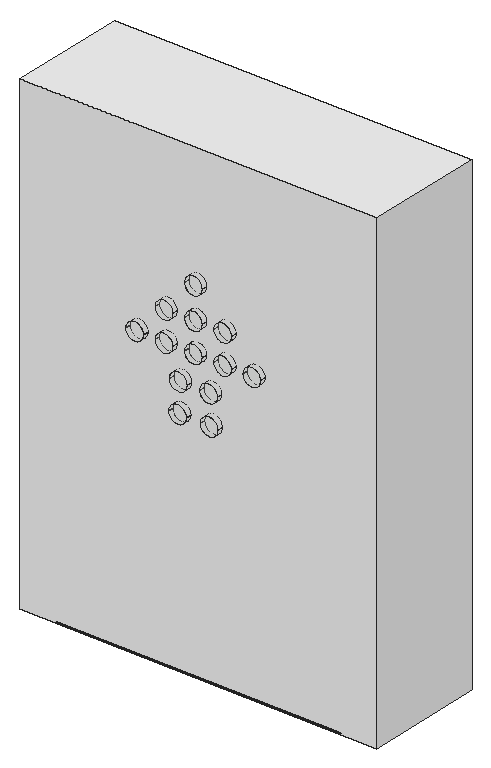
Revit family "НЕВАТОМ_Щит управления противодымной вентиляцией ABUm-PDV, Версия 1", category Электрооборудование, Revit 2017
Family settings
  Конфигурация панели = Два столбца, слева направо
  Размер круглого соединителя = Использовать диаметр
  Тип детали = Щит
  На основе рабочей плоскости = Нет
  Всегда вертикально = Да
  При загрузке вырезать с полостями = Нет
  Общий = Нет
  Точка расчета площади = Нет
Parameters (values of type "ABUm-PDV-0,37-MR220(24)/1")
  Voltage = ""
  НЕВАТОМ_Ориентировочная мощность двигателя = 0.37 kW
  НЕВАТОМ_Номинальный ток двигателя = 1.2 A
  built-in parameter 1140083 [instance] = "металлический"  # constant formula
  ADSK_Размер_Ширина = 200 mm
  ADSK_Размер_Длина = 600 mm
  ADSK_Размер_Высота = 800 mm
  ADSK_Примечание = ""
  ADSK_Позиция = ""
  ADSK_Напряжение = 220 V
  ADSK_Наименование = "ABUm-PDV-0,37-MR220(24)/1"
  ADSK_Марка = ADSK_Наименование  # "ABUm-PDV-0,37-MR220(24)/1"
  ADSK_Количество = 1  # constant formula
  ADSK_Код изделия = ""
  ADSK_Завод-изготовитель = "НЕВАТОМ"  # constant formula
  ADSK_Единица измерения = "шт."  # constant formula
  ADSK_URL документации изделия = ""
Types (61, lengths in mm): name | НЕВАТОМ_Ориентировочная мощность двигателя | НЕВАТОМ_Номинальный ток двигателя | ADSK_Наименование | ADSK_Марка
  (no name) | 0.37 kW | 1.2 A | "ABUm-PDV-0,37-MR220(24)/1" | "ABUm-PDV-0,37-MR220(24)/1"
  ABUm-PDV-0,37 | 0.37 kW | 1.2 A | "ABUm-PDV-0,37" | "ABUm-PDV-0,37"
  ABUm-PDV-0,55 | 0.55 kW | 1.73 A | "ABUm-PDV-0,55" | "ABUm-PDV-0,55"
  BUm-PDV-0,75 | 0 kW | 0 A | "BUm-PDV-0,75" | "BUm-PDV-0,75"
  ABUm-PDV-1,1 | 1.1 kW | 3.2 A | "ABUm-PDV-1,1" | "ABUm-PDV-1,1"
  ABUm-PDV-1,5 | 1.5 kW | 4.6 A | "ABUm-PDV-1,5" | "ABUm-PDV-1,5"
  BUm-PDV-2,2 | 2.2 kW | 6.3 A | "BUm-PDV-2,2" | "BUm-PDV-2,2"
  BUm-PDV-3,0 | 3 kW | 8 A | "BUm-PDV-3,0" | "BUm-PDV-3,0"
  ABUm-PDV-4,0 | 4 kW | 9.6 A | "ABUm-PDV-4,0" | "ABUm-PDV-4,0"
  ABUm-PDV-5,5 | 5.5 kW | 12.9 A | "ABUm-PDV-5,5" | "ABUm-PDV-5,5"
  BUm-PDV-7,5 | 7.5 kW | 17.8 A | "BUm-PDV-7,5" | "BUm-PDV-7,5"
  ABUm-PDV-11 | 11 kW | 24.9 A | "ABUm-PDV-11" | "ABUm-PDV-11"
  ABUm-PDV-15 | 15 kW | 33 A | "ABUm-PDV-15" | "ABUm-PDV-15"
  ABUm-PDV-18,5 | 18.5 kW | 39 A | "ABUm-PDV-18,5" | "ABUm-PDV-18,5"
  ABUm-PDV-22 | 22 kW | 45.8 A | "ABUm-PDV-22" | "ABUm-PDV-22"
  ABUm-PDV-30 | 30 kW | 62.2 A | "ABUm-PDV-30" | "ABUm-PDV-30"
  ABUm-PDV-0,37-MR220(24)/1 | 0.37 kW | 1.2 A | "ABUm-PDV-0,37-MR220(24)/1" | "ABUm-PDV-0,37-MR220(24)/1"
  ABUm-PDV-0,55-MR220(24)/1 | 1.73 kW | 0.55 A | "ABUm-PDV-0,55-MR220(24)/1" | "ABUm-PDV-0,55-MR220(24)/1"
  ABUm-PDV-0,75-MR220(24)/1 | 0.75 kW | 2.3 A | "ABUm-PDV-0,75-MR220(24)/1" | "ABUm-PDV-0,75-MR220(24)/1"
  ABUm-PDV-1,1-MR220(24)/1 | 1.1 kW | 3.2 A | "ABUm-PDV-1,1-MR220(24)/1" | "ABUm-PDV-1,1-MR220(24)/1"
  ABUm-PDV-1,5-MR220(24)/1 | 1.5 kW | 4.6 A | "ABUm-PDV-1,5-MR220(24)/1" | "ABUm-PDV-1,5-MR220(24)/1"
  ABUm-PDV-2,2-MR220(24)/1 | 2.2 kW | 6.3 A | "ABUm-PDV-1,5-MR220(24)/1" | "ABUm-PDV-1,5-MR220(24)/1"
  ABUm-PDV-3,0-MR220(24)/1 | 3 kW | 8 A | "ABUm-PDV-3,0-MR220(24)/1" | "ABUm-PDV-3,0-MR220(24)/1"
  ABUm-PDV-4,0-MR220(24)/1 | 4 kW | 9.6 A | "ABUm-PDV-4,0-MR220(24)/1" | "ABUm-PDV-4,0-MR220(24)/1"
  ABUm-PDV-5,5-MR220(24)/1 | 5.5 kW | 12.9 A | "ABUm-PDV-5,5-MR220(24)/1" | "ABUm-PDV-5,5-MR220(24)/1"
  ABUm-PDV-7,5-MR220(24)/1 | 7.5 kW | 17.8 A | "ABUm-PDV-7,5-MR220(24)/1" | "ABUm-PDV-7,5-MR220(24)/1"
  ABUm-PDV-11-MR220(24)/1 | 11 kW | 24.9 A | "ABUm-PDV-11-MR220(24)/1" | "ABUm-PDV-11-MR220(24)/1"
  ABUm-PDV-15-MR220(24)/1 | 15 kW | 33 A | "ABUm-PDV-15-MR220(24)/1" | "ABUm-PDV-15-MR220(24)/1"
  ABUm-PDV-18,5-MR220(24)/1 | 18.5 kW | 39 A | "ABUm-PDV-18,5-MR220(24)/1" | "ABUm-PDV-18,5-MR220(24)/1"
  ABUm-PDV-22-MR220(24)/1 | 22 kW | 45.8 A | "ABUm-PDV-22-MR220(24)/1" | "ABUm-PDV-22-MR220(24)/1"
  ABUm-PDV-30-MR220(24)/1 | 30 kW | 62.2 A | "ABUm-PDV-30-MR220(24)/1" | "ABUm-PDV-30-MR220(24)/1"
  ABUm-PDV-0,37-MP220(24)/1 | 0.37 kW | 1.2 A | "ABUm-PDV-0,37-MP220(24)/1" | "ABUm-PDV-0,37-MP220(24)/1"
  ABUm-PDV-0,55-MP220(24)/1 | 0.55 kW | 1.73 A | "ABUm-PDV-0,55-MP220(24)/1" | "ABUm-PDV-0,55-MP220(24)/1"
  ABUm-PDV-0,75-MP220(24)/1 | 0.75 kW | 2.3 A | "ABUm-PDV-0,75-MP220(24)/1" | "ABUm-PDV-0,75-MP220(24)/1"
  ABUm-PDV-1,1-MP220(24)/1 | 1.1 kW | 3.2 A | "ABUm-PDV-1,1-MP220(24)/1" | "ABUm-PDV-1,1-MP220(24)/1"
  ABUm-PDV-1,5-MP220(24)/1 | 1.5 kW | 4.6 A | "ABUm-PDV-1,5-MP220(24)/1" | "ABUm-PDV-1,5-MP220(24)/1"
  ABUm-PDV-2,2-MP220(24)/1 | 2.2 kW | 6.3 A | "ABUm-PDV-2,2-MP220(24)/1" | "ABUm-PDV-2,2-MP220(24)/1"
  ABUm-PDV-3,0-MP220(24)/1 | 3 kW | 8 A | "ABUm-PDV-3,0-MP220(24)/1" | "ABUm-PDV-3,0-MP220(24)/1"
  ABUm-PDV-4,0-MP220(24)/1 | 4 kW | 9.6 A | "ABUm-PDV-4,0-MP220(24)/1" | "ABUm-PDV-4,0-MP220(24)/1"
  ABUm-PDV-5,5-MP220(24)/1 | 5.5 kW | 12.9 A | "ABUm-PDV-5,5-MP220(24)/1" | "ABUm-PDV-5,5-MP220(24)/1"
  ABUm-PDV-7,5-MP220(24)/1 | 7.5 kW | 17.8 A | "ABUm-PDV-7,5-MP220(24)/1" | "ABUm-PDV-7,5-MP220(24)/1"
  ABUm-PDV-11-MP220(24)/1 | 0 kW | 0 A | "ABUm-PDV-11-MP220(24)/1" | "ABUm-PDV-11-MP220(24)/1"
  ABUm-PDV-15-MP220(24)/1 | 15 kW | 33 A | "ABUm-PDV-15-MP220(24)/1" | "ABUm-PDV-15-MP220(24)/1"
  ABUm-PDV-18,5-MP220(24)/1 | 18.5 kW | 39 A | "ABUm-PDV-18,5-MP220(24)/1" | "ABUm-PDV-18,5-MP220(24)/1"
  ABUm-PDV-22-MP220(24)/1 | 22 kW | 45.8 A | "ABUm-PDV-22-MP220(24)/1" | "ABUm-PDV-22-MP220(24)/1"
  ABUm-PDV-30-MP220(24)/1 | 30 kW | 62.2 A | "ABUm-PDV-30-MP220(24)/1" | "ABUm-PDV-30-MP220(24)/1"
  ABUm-PDV-0,37-EM220(24)/1 | 0.37 kW | 1.2 A | "ABUm-PDV-0,37-EM220(24)/1" | "ABUm-PDV-0,37-EM220(24)/1"
  ABUm-PDV-0,55-EM220(24)/1 | 0.55 kW | 1.73 A | "ABUm-PDV-0,55-EM220(24)/1" | "ABUm-PDV-0,55-EM220(24)/1"
  ABUm-PDV-0,75-EM220(24)/1 | 0.75 kW | 2.3 A | "ABUm-PDV-0,55-EM220(24)/1" | "ABUm-PDV-0,55-EM220(24)/1"
  ABUm-PDV-1,1-EM220(24)/1 | 1.1 kW | 3.2 A | "ABUm-PDV-0,55-EM220(24)/1" | "ABUm-PDV-0,55-EM220(24)/1"
  ABUm-PDV-1,5-EM220(24)/1 | 1.5 kW | 4.6 A | "ABUm-PDV-1,5-EM220(24)/1" | "ABUm-PDV-1,5-EM220(24)/1"
  ABUm-PDV-2,2-EM220(24)/1 | 2.2 kW | 6.3 A | "ABUm-PDV-2,2-EM220(24)/1" | "ABUm-PDV-2,2-EM220(24)/1"
  ABUm-PDV-3,0-EM220(24)/1 | 3 kW | 8 A | "ABUm-PDV-3,0-EM220(24)/1" | "ABUm-PDV-3,0-EM220(24)/1"
  ABUm-PDV-4,0-EM220(24)/1 | 0 kW | 0 A | "ABUm-PDV-4,0-EM220(24)/1" | "ABUm-PDV-4,0-EM220(24)/1"
  ABUm-PDV-5,5-EM220(24)/1 | 5.5 kW | 12.9 A | "ABUm-PDV-5,5-EM220(24)/1" | "ABUm-PDV-5,5-EM220(24)/1"
  ABUm-PDV-7,5-EM220(24)/1 | 7.5 kW | 17.8 A | "ABUm-PDV-7,5-EM220(24)/1" | "ABUm-PDV-7,5-EM220(24)/1"
  ABUm-PDV-11-EM220(24)/1 | 11 kW | 24.9 A | "ABUm-PDV-11-EM220(24)/1" | "ABUm-PDV-11-EM220(24)/1"
  ABUm-PDV-15-EM220(24)/1 | 15 kW | 33 A | "ABUm-PDV-15-EM220(24)/1" | "ABUm-PDV-15-EM220(24)/1"
  ABUm-PDV-18,5-EM220(24)/1 | 18.5 kW | 39 A | "ABUm-PDV-18,5-EM220(24)/1" | "ABUm-PDV-18,5-EM220(24)/1"
  ABUm-PDV-22-EM220(24)/1 | 22 kW | 45.8 A | "ABUm-PDV-22-EM220(24)/1" | "ABUm-PDV-22-EM220(24)/1"
  ABUm-PDV-30-EM220(24)/1 | 30 kW | 62.2 A | "ABUm-PDV-30-EM220(24)/1" | "ABUm-PDV-30-EM220(24)/1"
Reference planes
  plane 1 "По центру (Вперед/Назад)": y = 0
  plane 2: z = 0
  plane 3 "По центру (Влево/Вправо)": x = 0
  plane 4: y = 100
  plane 5: y = -100
  plane 6: x = -300
  plane 7: x = 300
  plane 8: z = 800
Forms (mm)
  Extrusion 1, solid, material "Условный материал-отделка"
    sketch origin (0, 0, 0) x (1, 0, 0) y (0, 1, 0)
      loop
        line (-300, 100) -> (-300, -100) -> (300, -100) -> (300, 100) -> (-300, 100)
    from 0 to 800
  Extrusion 2, solid
    sketch origin (-495, 0, 0) x (1, 0, 0) y (0, 1, 0)
      loop
        line (256.585, 60) -> (256.585, -100) -> (734.424, -100) -> (734.424, 60) -> (256.585, 60)
    from 0 to 2
  Extrusion 3, solid, material "Стекло"
    sketch origin (0, 0, 0) x (1, 0, 0) y (0, 0, 1)
      loop
        circle (0, 596.548) r 15
    from 100 to 110
  Extrusion 4, solid, not visible
    sketch origin (0, 0, -55) x (1, 0, 0) y (0, 0, 1)
      loop
        circle (0, 596.548) r 15
    from 100 to 110
  Extrusion 5, solid, not visible
    sketch origin (45, 0, -55) x (1, 0, 0) y (0, 0, 1)
      loop
        circle (0, 596.548) r 15
    from 100 to 110
  Extrusion 6, solid, not visible
    sketch origin (-45, 0, -55) x (-1, 0, 0) y (0, 0, -1)
      loop
        circle (0, -596.548) r 15
    from 100 to 110
  Extrusion 7, solid, not visible
    sketch origin (0, 0, -110) x (1, 0, 0) y (0, 0, 1)
      loop
        circle (0, 596.548) r 15
    from 100 to 110
  Extrusion 8, solid, not visible
    sketch origin (45, 0, -110) x (1, 0, 0) y (0, 0, 1)
      loop
        circle (0, 596.548) r 15
    from 100 to 110
  Extrusion 9, solid, not visible
    sketch origin (-45, 0, -110) x (-1, 0, 0) y (0, 0, -1)
      loop
        circle (0, -596.548) r 15
    from 100 to 110
  Extrusion 10, solid, not visible
    sketch origin (100, 0, -110) x (1, 0, 0) y (0, 0, 1)
      loop
        circle (0, 596.548) r 15
    from 100 to 110
  Extrusion 11, solid, not visible
    sketch origin (-100, 0, -110) x (-1, 0, 0) y (0, 0, -1)
      loop
        circle (0, -596.548) r 15
    from 100 to 110
  Extrusion 12, solid, not visible
    sketch origin (30.372, 0, -158.754) x (1, 0, 0) y (0, 0, 1)
      loop
        circle (0, 596.548) r 15
    from 100 to 110
  Extrusion 13, solid, not visible
    sketch origin (-30.372, 0, -158.754) x (-1, 0, 0) y (0, 0, -1)
      loop
        circle (0, -596.548) r 15
    from 100 to 110
  Extrusion 14, solid, not visible
    sketch origin (30.372, 0, -208.754) x (1, 0, 0) y (0, 0, 1)
      loop
        circle (0, 596.548) r 15
    from 100 to 110
  Extrusion 15, solid, not visible
    sketch origin (-30.372, 0, -208.754) x (-1, 0, 0) y (0, 0, -1)
      loop
        circle (0, -596.548) r 15
    from 100 to 110
  Extrusion 16, solid, material "Стекло"
    sketch origin (0, 0, 0) x (1, 0, 0) y (0, 0, 1)
      loop
        circle (0, 542.901) r 15
    from 100 to 110
  Extrusion 17, solid, material "Стекло"
    sketch origin (0, 0, 0) x (1, 0, 0) y (0, 0, 1)
      loop
        circle (49.336, 542.623) r 15
    from 100 to 110
  Extrusion 18, solid, material "Стекло"
    sketch origin (0, 0, 0) x (-1, 0, 0) y (0, 0, -1)
      loop
        circle (49.336, -542.623) r 15
    from 100 to 110
  Extrusion 19, solid, material "Стекло"
    sketch origin (98.672, 0, -50) x (1, 0, 0) y (0, 0, 1)
      loop
        circle (0, 542.901) r 15
    from 100 to 110
  Extrusion 20, solid, material "Стекло"
    sketch origin (-98.672, 0, -50) x (-1, 0, 0) y (0, 0, -1)
      loop
        circle (0, -542.901) r 15
    from 100 to 110
  Extrusion 21, solid, material "Стекло"
    sketch origin (0, 0, -50) x (1, 0, 0) y (0, 0, 1)
      loop
        circle (0, 542.901) r 15
    from 100 to 110
  Extrusion 22, solid, material "Стекло"
    sketch origin (0, 0, -50) x (1, 0, 0) y (0, 0, 1)
      loop
        circle (49.336, 542.623) r 15
    from 100 to 110
  Extrusion 23, solid, material "Стекло"
    sketch origin (0, 0, -50) x (-1, 0, 0) y (0, 0, -1)
      loop
        circle (49.336, -542.623) r 15
    from 100 to 110
  Extrusion 24, solid, material "Стекло"
    sketch origin (24, 0, -100) x (-1, 0, 0) y (0, 0, -1)
      loop
        circle (49.336, -542.623) r 15
    from 100 to 110
  Extrusion 25, solid, material "Стекло"
    sketch origin (-24, 0, -100) x (1, 0, 0) y (0, 0, 1)
      loop
        circle (49.336, 542.623) r 15
    from 100 to 110
  Extrusion 26, solid, material "Стекло"
    sketch origin (0, 0, 0) x (1, 0, 0) y (0, 0, 1)
      loop
        circle (-26.556, 392.974) r 15
    from 100 to 110
  Extrusion 27, solid, material "Стекло"
    sketch origin (0, 0, 0) x (-1, 0, 0) y (0, 0, -1)
      loop
        circle (-26.556, -392.974) r 15
    from 100 to 110
Dimensions and locks
  equal spacing: plane 6, plane 3 "По центру (Влево/Вправо)", plane 7
  equal spacing: plane 4, plane 1 "По центру (Вперед/Назад)", plane 5
  "ADSK_Размер_Ширина": plane 4 to plane 5
  "ADSK_Размер_Длина": plane 6 to plane 7
  "ADSK_Размер_Высота": plane 8 to level
  locked: Extrusion 1 to Extrusion 3 at 10
  locked: Extrusion 1 to Extrusion 16 at 10
  locked: Extrusion 17 to Extrusion 1 at 10
  locked: Extrusion 1 to Extrusion 18 at 10
  locked: Extrusion 1 to Extrusion 20 at 10  (x7)
  locked: Extrusion 19 to Extrusion 1 at 10  (x5)
  locked: Extrusion 23 to Extrusion 23 at 10  (x3)
  locked: Extrusion 21 to Extrusion 1 at 10
  locked: Extrusion 1 to Extrusion 22 at 10
  locked: Extrusion 1 to Extrusion 24 at 10
  locked: Extrusion 25 to Extrusion 25 at 10
  radius of Extrusion 3 sketch curve = 15 mm
  radius of Extrusion 4 sketch curve = 15 mm
  radius of Extrusion 5 sketch curve = 15 mm
  radius of Extrusion 6 sketch curve = 15 mm
  radius of Extrusion 7 sketch curve = 15 mm
  radius of Extrusion 8 sketch curve = 15 mm
  radius of Extrusion 9 sketch curve = 15 mm
  radius of Extrusion 10 sketch curve = 15 mm
  radius of Extrusion 11 sketch curve = 15 mm
  radius of Extrusion 12 sketch curve = 15 mm
  radius of Extrusion 13 sketch curve = 15 mm
  radius of Extrusion 14 sketch curve = 15 mm
  radius of Extrusion 15 sketch curve = 15 mm
  aligned and locked: level to plane 2
  aligned and locked: Extrusion 1 sketch curve to plane 4
  aligned and locked: plane 7 to Extrusion 1 sketch curve
  aligned and locked: Extrusion 1 sketch curve to plane 6
  aligned and locked: Extrusion 1 to plane 5
  aligned and locked: Extrusion 1 to plane 8
  aligned and locked: plane 5 to Extrusion 3
  aligned and locked: plane 5 to Extrusion 16
  aligned and locked: plane 5 to Extrusion 17
  aligned and locked: Extrusion 18 to plane 5
  aligned and locked: Extrusion 20 to plane 5
  aligned and locked: Extrusion 19 to plane 5
  aligned and locked: Extrusion 2 to plane 5
  aligned and locked: plane 5 to Extrusion 23
  aligned and locked: plane 5 to Extrusion 21
  aligned and locked: plane 5 to Extrusion 22
  aligned and locked: plane 5 to Extrusion 24
  aligned and locked: plane 5 to Extrusion 25
  aligned and locked: plane 5 to Extrusion 26
  aligned and locked: plane 5 to Extrusion 27
Automatic sketch dimensions
  Extrusion 1 sketch curve to plane 5 = 0 mm
  Extrusion 2 sketch curve to plane 5 = 0 mm
  Extrusion 2 sketch curve to plane 6 = 61.585 mm
  plane 7 to Extrusion 2 sketch curve = 60.576 mm
  Extrusion 2 sketch curve to plane 4 = 40 mm
  Extrusion 3 sketch curve to plane 3 "По центру (Влево/Вправо)" = 0 mm
  plane 8 to Extrusion 3 sketch curve = 203.452 mm
  Extrusion 16 sketch curve to plane 3 "По центру (Влево/Вправо)" = 0 mm
  plane 8 to Extrusion 16 sketch curve = 257.099 mm
  plane 3 "По центру (Влево/Вправо)" to Extrusion 17 sketch curve = 49.336 mm
  plane 8 to Extrusion 17 sketch curve = 257.377 mm
  plane 3 "По центру (Влево/Вправо)" to Extrusion 18 sketch curve = 49.336 mm
  Extrusion 18 sketch curve to plane 8 = 257.377 mm
  plane 3 "По центру (Влево/Вправо)" to Extrusion 19 sketch curve = 98.672 mm
  plane 8 to Extrusion 19 sketch curve = 307.099 mm
  plane 3 "По центру (Влево/Вправо)" to Extrusion 20 sketch curve = 98.672 mm
  Extrusion 20 sketch curve to plane 8 = 307.099 mm
  Extrusion 21 sketch curve to plane 3 "По центру (Влево/Вправо)" = 0 mm
  plane 8 to Extrusion 21 sketch curve = 307.099 mm
  plane 3 "По центру (Влево/Вправо)" to Extrusion 22 sketch curve = 49.336 mm
  plane 8 to Extrusion 22 sketch curve = 307.377 mm
  plane 3 "По центру (Влево/Вправо)" to Extrusion 23 sketch curve = 49.336 mm
  Extrusion 23 sketch curve to plane 8 = 307.377 mm
  plane 3 "По центру (Влево/Вправо)" to Extrusion 24 sketch curve = 25.336 mm
  Extrusion 24 sketch curve to plane 8 = 357.377 mm
  plane 3 "По центру (Влево/Вправо)" to Extrusion 25 sketch curve = 25.336 mm
  plane 8 to Extrusion 25 sketch curve = 357.377 mm
  Extrusion 26 sketch curve to plane 3 "По центру (Влево/Вправо)" = 26.556 mm
  plane 8 to Extrusion 26 sketch curve = 407.026 mm
  Extrusion 27 sketch curve to plane 3 "По центру (Влево/Вправо)" = 26.556 mm
  Extrusion 27 sketch curve to plane 8 = 407.026 mm
  radius of Extrusion 16 sketch curve = 15 mm
  radius of Extrusion 17 sketch curve = 15 mm
  radius of Extrusion 18 sketch curve = 15 mm
  radius of Extrusion 19 sketch curve = 15 mm
  radius of Extrusion 20 sketch curve = 15 mm
  radius of Extrusion 21 sketch curve = 15 mm
  radius of Extrusion 22 sketch curve = 15 mm
  radius of Extrusion 23 sketch curve = 15 mm
  radius of Extrusion 24 sketch curve = 15 mm
  radius of Extrusion 25 sketch curve = 15 mm
  radius of Extrusion 26 sketch curve = 15 mm
  radius of Extrusion 27 sketch curve = 15 mm
Connectors
  electrical at (0.504, -20, 2), driven by "ADSK_Напряжение"
    settings: on Extrusion 2, index 1, voltage 220 V, apparent load 0 VA, apparent load phase1 0 VA, apparent load phase2 0 VA, apparent load phase3 0 VA, power factor 1, load classification "Прочее", number of poles 1, system type 31, power factor state 1, is connector primary yes, connector utility no, sub classification motor no, connector description ""
